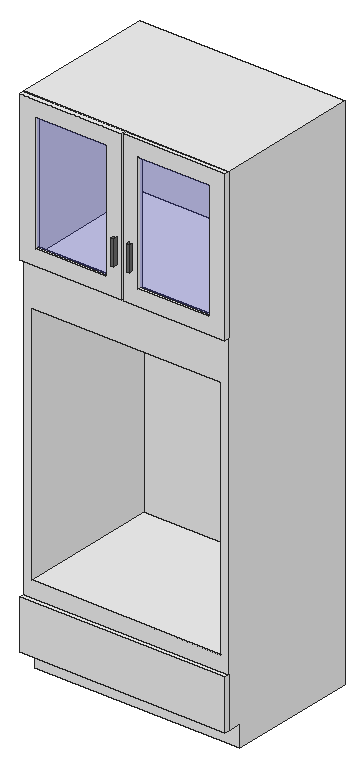
Revit family "f41fb9a0bb744a3381f8465092febf62", category Casework, Revit 2021
Family settings
  OmniClass Number = 23.40.35.17.47.11
  OmniClass Title = Kitchen Casework
  Seek Item ID = Tall Cabinet-2 Door-Built in-0000-USA-ENU
  Work Plane-Based = No
  Always vertical = Yes
  Cut with Voids When Loaded = No
  Shared = No
  Room Calculation Point = No
Parameters (values of type "33"")
  Height = 7' - 0"
  Default Elevation = 0' - 0"
  Assembly Code = "C1030410"
  Cabinet Material = none
  Depth = 2' - 0"
  Door/Drawer Material = none
  Handle Material = Cabinets - Handles
  Height-Base of Built-in = 1' - 2"
  Height-Built-in = 3' - 3 1/4"
  Height-Upper Cabinet = 2' - 0"
  Panel Material = Glass
  Toe Depth = 0' - 3"
  Toe Height = 0' - 3 1/2"
  Type Comments = ""
  Width = 2' - 9"
Types (5): name | Type Comments | Width
  (no name) | "" | 2' - 9"
  30" | "" | 2' - 6"
  33" | "" | 2' - 9"
  24" | "21.5\"w 39.75\"h built-in" | 2' - 0"
  27" | "24.5\"w 39.75\"h built-in" | 2' - 3"
Reference planes (in)
  plane 1 "Back": y = 0
  plane 2: z = 0.0625
  plane 3 "Center": x = 0.7377
  plane 4 "Left": x = -15.7623
  plane 5 "Right": x = 17.2377
  plane 6 "Front": y = -24
  plane 7 "Top": z = 84.0625
  plane 8: y = -21
  plane 9: z = 3.5625
  plane 10: z = 72.0625
  plane 11 "Top Of Appliance": z = 60.0625
Forms (in)
  Extrusion 1, solid, material <- "Cabinet Material"
    sketch origin (0, -24, 0) x (1, 0, 0) y (0, 0, 1)
      loop
        line (-15.7623, 3.5625) -> (17.2377, 3.5625) -> (17.2377, 84.0625) -> (-15.7623, 84.0625) -> (-15.7623, 3.5625)
      loop
        line (-15.0123, 83.3125) -> (-15.0123, 4.3125) -> (16.4877, 4.3125) -> (16.4877, 83.3125) -> (-15.0123, 83.3125)
    from -0.75 to -24
  Extrusion 2, solid, material <- "Cabinet Material"
    sketch origin (0, 0, 0) x (1, 0, 0) y (0, 0, 1)
      loop
        line (-15.0123, 83.3125) -> (-15.0123, 4.3125) -> (16.4877, 4.3125) -> (16.4877, 83.3125) -> (-15.0123, 83.3125)
    from 0 to 0.75
  Extrusion 3, solid, material <- "Door/Drawer Material"
    sketch origin (0, -24, 0) x (1, 0, 0) y (0, 0, 1)
      loop
        line (-15.7623, 84.0625) -> (-15.7623, 60.0625) -> (0.6127, 60.0625) -> (0.6127, 84.0625) -> (-15.7623, 84.0625)
      loop
        line (17.2377, 84.0625) -> (0.8627, 84.0625) -> (0.8627, 60.0625) -> (17.2377, 60.0625) -> (17.2377, 84.0625)
      loop
        line (-13.2623, 81.5625) -> (-13.2623, 62.5625) -> (-1.7623, 62.5625) -> (-1.7623, 81.5625) -> (-13.2623, 81.5625)
      loop
        line (3.2377, 81.5625) -> (3.2377, 62.5625) -> (14.7377, 62.5625) -> (14.7377, 81.5625) -> (3.2377, 81.5625)
      loop
        line (-15.7623, 11.5625) -> (-15.7623, 3.5625) -> (17.2377, 3.5625) -> (17.2377, 11.5625) -> (-15.7623, 11.5625)
    from 0 to -0.75
  Extrusion 4, solid, material <- "Cabinet Material"
    sketch origin (0, -24, 0) x (1, 0, 0) y (0, 0, 1)
      loop
        line (-15.0123, 60.0625) -> (-15.0123, 4.3125) -> (16.4877, 4.3125) -> (16.4877, 60.0625) -> (-15.0123, 60.0625)
      loop
        line (-14.5123, 14.0625) -> (15.9877, 14.0625) -> (15.9877, 53.3125) -> (-14.5123, 53.3125) -> (-14.5123, 14.0625)
    from -0.75 to -23.25
  Extrusion 5, solid, material "Cabinets"
    sketch origin (0, -24, 0) x (1, 0, 0) y (0, 0, 1)
      loop
        line (17.2377, 3.5625) -> (17.2377, 11.5625) -> (-15.7623, 11.5625) -> (-15.7623, 3.5625) -> (17.2377, 3.5625)
    from 0 to -0.75
  Extrusion 6, solid, material <- "Cabinet Material"
    sketch origin (0, 0, 0) x (1, 0, 0) y (0, 1, 0)
      loop
        line (-15.7623, 0) -> (-15.7623, -21) -> (17.2377, -21) -> (17.2377, 0) -> (-15.7623, 0)
    from 0 to 3.5625
  Extrusion 7, solid, material "Glass" <- "Panel Material"
    sketch origin (0, -24, 0) x (1, 0, 0) y (0, 0, 1)
      loop
        line (-13.2623, 81.5625) -> (-13.2623, 62.5625) -> (-1.7623, 62.5625) -> (-1.7623, 81.5625) -> (-13.2623, 81.5625)
      loop
        line (3.2377, 81.5625) -> (3.2377, 62.5625) -> (14.7377, 62.5625) -> (14.7377, 81.5625) -> (3.2377, 81.5625)
    from -0.25 to -0.5
  Extrusion 8, solid, material "Cabinets - Handles" <- "Handle Material"
    sketch origin (0, -24, 0) x (1, 0, 0) y (0, 0, 1)
      loop
        line (-0.75569, 68.78905) -> (-0.75569, 64.78905) -> (-0.2623, 64.78905) -> (-0.2623, 68.78905) -> (-0.75569, 68.78905)
      loop
        line (1.7377, 68.78905) -> (1.7377, 64.78905) -> (2.2311, 64.78905) -> (2.2311, 68.78905) -> (1.7377, 68.78905)
    from 0 to 0.5
Cuts and joins
  joined: Extrusion 1, Extrusion 2, Extrusion 4, Extrusion 6
Lines and regions (in)
  Masking region 1
    outline origin (0, 0, 60.0625) x (-1, 0, 0) y (0, -1, 0)
      loop
        line (15.7623, 0) -> (15.7623, 24) -> (-17.2377, 24) -> (-17.2377, 0) -> (15.7623, 0)
  model lines, detail levels medium+fine
    curve 1: line (14.7377, -24, 81.5625) -> (14.7377, -24, 62.5625)
    curve 2: line (3.2377, -24, 81.5625) -> (14.7377, -24, 81.5625)
    curve 3: line (3.2377, -24, 62.5625) -> (3.2377, -24, 81.5625)
    curve 4: line (-1.7623, -24, 81.5625) -> (-1.7623, -24, 62.5625)
    curve 5: line (-13.2623, -24, 81.5625) -> (-1.7623, -24, 81.5625)
    curve 6: line (-13.2623, -24, 62.5625) -> (-13.2623, -24, 81.5625)
    curve 16: line (-13.2623, -24, 62.5625) -> (-1.7623, -24, 62.5625)
    curve 17: line (14.7377, -24, 62.5625) -> (3.2377, -24, 62.5625)
  model lines
    curve 7: line (1.7377, -24, 68.78905) -> (2.2311, -24, 68.78905)
    curve 8: line (1.7377, -24, 64.78905) -> (1.7377, -24, 68.78905)
    curve 9: line (2.2311, -24, 64.78905) -> (1.7377, -24, 64.78905)
    curve 10: line (2.2311, -24, 68.78905) -> (2.2311, -24, 64.78905)
    curve 11: line (-0.2623, -24, 68.78905) -> (-0.75569, -24, 68.78905)
    curve 12: line (-0.2623, -24, 64.78905) -> (-0.2623, -24, 68.78905)
    curve 13: line (-0.75569, -24, 64.78905) -> (-0.2623, -24, 64.78905)
    curve 14: line (-0.75569, -24, 68.78905) -> (-0.75569, -24, 64.78905)
    curve 15: line (0.7377, -24, 84.0625) -> (0.7377, -24, 60.0625)
    curve 18: line (-15.0123, -24, 4.3125) -> (16.4877, -24, 4.3125)
    curve 19: line (-15.0123, -24, 10.7263) -> (-15.0123, -24, 4.3125)
    curve 20: line (16.4877, -24, 10.7263) -> (-15.0123, -24, 10.7263)
    curve 21: line (16.4877, -24, 4.3125) -> (16.4877, -24, 10.7263)
  symbolic lines, style "Elevation Swing"
    curve 22: line (0.6127, 0, 84.0625) -> (-15.7623, 0, 72.0625)
    curve 23: line (-15.7623, 0, 72.0625) -> (0.7377, 0, 60.0625)
    curve 24: line (0.7377, 0, 60.0625) -> (17.2377, 0, 72.16334)
    curve 25: line (17.2377, 0, 72.16334) -> (0.6127, 0, 84.0625)
Dimensions and locks (in)
  "Depth": plane 6 "Front" to plane 1 "Back"
  "Width": plane 4 "Left" to plane 5 "Right"
  equal spacing: plane 4 "Left", plane 3 "Center", plane 5 "Right"
  "Height": plane 2 to plane 7 "Top"
  "Toe Height": plane 2 to plane 9
  "Toe Depth": plane 6 "Front" to plane 8
  "Height-Base of Built-in": Extrusion 4 sketch curve to plane 2
  "Height-Built-in": Extrusion 4 sketch curve to Extrusion 4 sketch curve
  equal spacing: plane 7 "Top", plane 10, plane 11 "Top Of Appliance"
  "Height-Upper Cabinet": plane 7 "Top" to plane 11 "Top Of Appliance"
  locked: Extrusion 5 to curve 20 at 0.8362
  aligned and locked: Extrusion 1 to plane 1 "Back"
  aligned and locked: Extrusion 1 to Extrusion 3
  aligned and locked: Extrusion 4 to Extrusion 2
  aligned and locked: Extrusion 4 sketch curve to plane 11 "Top Of Appliance"
  aligned and locked: curve 16 to curve 17
  aligned and locked: Extrusion 6 to plane 9
  aligned and locked: Extrusion 3 to curve 22
  aligned and locked: plane 1 "Back" to Masking region 1 sketch curve
  aligned and locked: plane 5 "Right" to Masking region 1 sketch curve
  aligned and locked: Masking region 1 sketch curve to plane 6 "Front"
  aligned and locked: Masking region 1 sketch curve to plane 4 "Left"
Automatic sketch dimensions
  Extrusion 1 sketch curve to plane 4 "Left" = 0' - 0"
  Extrusion 1 sketch curve to plane 5 "Right" = 0' - 0"
  Extrusion 1 sketch curve to plane 9 = 0' - 0"
  Extrusion 1 sketch curve to plane 7 "Top" = 0' - 0"
  Extrusion 1 sketch curve to plane 4 "Left" = 0' - 0 3/4"
  plane 5 "Right" to Extrusion 1 sketch curve = 0' - 0 3/4"
  Extrusion 1 sketch curve to Extrusion 1 sketch curve = 0' - 0 3/4"
  plane 7 "Top" to Extrusion 1 sketch curve = 0' - 0 3/4"
  Extrusion 2 sketch curve to plane 4 "Left" = 0' - 0 3/4"
  plane 5 "Right" to Extrusion 2 sketch curve = 0' - 0 3/4"
  Extrusion 2 sketch curve to plane 9 = 0' - 0 3/4"
  plane 7 "Top" to Extrusion 2 sketch curve = 0' - 0 3/4"
  Extrusion 4 sketch curve to plane 4 "Left" = 0' - 0 3/4"
  plane 5 "Right" to Extrusion 4 sketch curve = 0' - 0 3/4"
  Extrusion 4 sketch curve to plane 9 = 0' - 0 3/4"
  Extrusion 4 sketch curve to Extrusion 4 sketch curve = 0' - 0 1/2"
  plane 5 "Right" to Extrusion 4 sketch curve = 0' - 1 1/4"
  Extrusion 5 sketch curve to plane 4 "Left" = 0' - 0"
  Extrusion 5 sketch curve to plane 5 "Right" = 0' - 0"
  Extrusion 5 sketch curve to plane 9 = 0' - 0"
  Extrusion 5 sketch curve to Extrusion 5 sketch curve = 0' - 8"
  Extrusion 6 sketch curve to plane 4 "Left" = 0' - 0"
  Extrusion 6 sketch curve to plane 5 "Right" = 0' - 0"
  Extrusion 6 sketch curve to plane 8 = 0' - 0"
  Extrusion 6 sketch curve to plane 1 "Back" = 0' - 0"
  Extrusion 7 sketch curve to plane 4 "Left" = 0' - 2 1/2"
  plane 3 "Center" to Extrusion 7 sketch curve = 0' - 2 1/2"
  Extrusion 7 sketch curve to plane 3 "Center" = 0' - 2 1/2"
  plane 5 "Right" to Extrusion 7 sketch curve = 0' - 2 1/2"
  plane 11 "Top Of Appliance" to Extrusion 7 sketch curve = 0' - 2 1/2"  (x2)
  plane 7 "Top" to Extrusion 7 sketch curve = 0' - 2 1/2"  (x2)
  Extrusion 3 sketch curve to plane 4 "Left" = 0' - 0"  (x2)
  Extrusion 3 sketch curve to plane 11 "Top Of Appliance" = 0' - 0"  (x2)
  Extrusion 3 sketch curve to plane 7 "Top" = 0' - 0"  (x2)
  Extrusion 3 sketch curve to plane 5 "Right" = 0' - 0"  (x2)
  Extrusion 3 sketch curve to plane 9 = 0' - 0"
  Extrusion 3 sketch curve to plane 4 "Left" = 0' - 2 1/2"
  plane 3 "Center" to Extrusion 3 sketch curve = 0' - 2 1/2"
  plane 3 "Center" to Extrusion 3 sketch curve = 0' - 0 1/8"
  Extrusion 3 sketch curve to plane 3 "Center" = 0' - 0 1/8"
  Extrusion 3 sketch curve to plane 3 "Center" = 0' - 2 1/2"
  plane 5 "Right" to Extrusion 3 sketch curve = 0' - 2 1/2"
  Extrusion 3 sketch curve to Extrusion 3 sketch curve = 0' - 8"
  plane 11 "Top Of Appliance" to Extrusion 3 sketch curve = 0' - 2 1/2"  (x2)
  plane 7 "Top" to Extrusion 3 sketch curve = 0' - 2 1/2"  (x2)
  plane 3 "Center" to Extrusion 8 sketch curve = 0' - 1.49339"
  Extrusion 8 sketch curve to Extrusion 8 sketch curve = 0' - 0.49339"  (x2)
  Extrusion 8 sketch curve to plane 3 "Center" = 0' - 1"
  plane 11 "Top Of Appliance" to Extrusion 8 sketch curve = 0' - 4 93/128"
  Extrusion 8 sketch curve to Extrusion 8 sketch curve = 0' - 0"  (x2)
  Extrusion 8 sketch curve to plane 10 = 0' - 3 35/128"
  curve 24 to plane 5 "Right" = 0' - 0"
  curve 23 to plane 3 "Center" = 0' - 0"
  curve 15 to plane 3 "Center" = 0' - 0"
  curve 22 to plane 7 "Top" = 0' - 0"
  curve 15 to plane 7 "Top" = 0' - 0"
  curve 22 to plane 10 = 0' - 0"
  curve 23 to plane 11 "Top Of Appliance" = 0' - 0"
  curve 15 to plane 11 "Top Of Appliance" = 0' - 0"
  plane 5 "Right" to curve 20 = 0' - 0 3/4"
  plane 5 "Right" to curve 1 = 0' - 2 1/2"
  curve 3 to plane 3 "Center" = 0' - 2 1/2"
  curve 7 to plane 3 "Center" = 0' - 1.49339"
  curve 9 to curve 9 = 0' - 0.49339"
  curve 15 to curve 22 = 0' - 0 1/8"
  plane 3 "Center" to curve 12 = 0' - 1"
  curve 11 to curve 11 = 0' - 0.49339"
  curve 13 to curve 16 = 0' - 1.00661"
  curve 6 to plane 4 "Left" = 0' - 2 1/2"
  curve 20 to plane 4 "Left" = 0' - 0 3/4"
  plane 7 "Top" to curve 2 = 0' - 2 1/2"
  plane 7 "Top" to curve 4 = 0' - 2 1/2"
  plane 10 to curve 25 = 0' - 0.10084"
  curve 7 to plane 10 = 0' - 3 35/128"
  curve 11 to curve 7 = 0' - 0"
  curve 7 to curve 10 = 0' - 4"
  curve 12 to curve 8 = 0' - 0"
  curve 13 to curve 16 = 0' - 2 29/128"
  curve 19 to plane 9 = 0' - 0 3/4"
